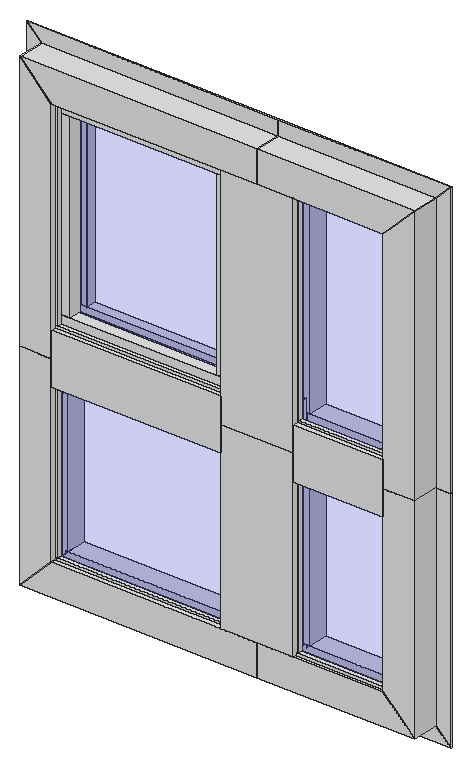
Revit family "511_PC-AT_nailfin", category Windows, host Wall, Revit 2016 (continued)
Automatic sketch dimensions
  Extrusion 21 sketch curve to host wall = 0.68"
  Extrusion 21 sketch curve to Extrusion 21 sketch curve = 0.2505"
  Extrusion 21 sketch curve to Extrusion 21 sketch curve = 0.19035"
  plane 19 to Extrusion 21 sketch curve = 0.50335"
  Extrusion 21 sketch curve to Extrusion 21 sketch curve = 0.08391"
  Extrusion 22 sketch curve to plane 25 "Front of glass" = 0"
  Extrusion 22 sketch curve to Extrusion 22 sketch curve = 0.18817"
  Extrusion 22 sketch curve to plane 10 "Bar Set" = 0.21409"
  plane 10 "Bar Set" to Extrusion 22 sketch curve = 0.17938"
  Extrusion 22 sketch curve to plane 16 = 0.1855"
  Extrusion 22 sketch curve to plane 16 = 0.12349"
  plane 25 "Front of glass" to Extrusion 22 sketch curve = 0.038"
  plane 16 to Extrusion 22 sketch curve = 0.439"
  Extrusion 22 sketch curve to Extrusion 22 sketch curve = 0.0243"
  Extrusion 22 sketch curve to Extrusion 22 sketch curve = 0.42534"
  Extrusion 22 sketch curve to Extrusion 22 sketch curve = 3/8"  (x2)
  Extrusion 22 sketch curve to Extrusion 22 sketch curve = 0.2505"
  Extrusion 22 sketch curve to Extrusion 22 sketch curve = 0.325"
  Extrusion 22 sketch curve to Extrusion 22 sketch curve = 0.7445"
  Extrusion 22 sketch curve to host wall = 0.4625"
  plane 25 "Front of glass" to Extrusion 22 sketch curve = 0.57098"
  plane 25 "Front of glass" to Extrusion 22 sketch curve = 0.77801"
  Extrusion 22 sketch curve to Extrusion 22 sketch curve = 0.03999"
  Extrusion 22 sketch curve to Extrusion 22 sketch curve = 0.27"
  Extrusion 23 sketch curve to plane 25 "Front of glass" = 0"
  plane 17 to Extrusion 23 sketch curve = 0.43809"
  Extrusion 23 sketch curve to Extrusion 23 sketch curve = 0.02423"
  Extrusion 23 sketch curve to Extrusion 23 sketch curve = 1/2"
  Extrusion 23 sketch curve to plane 17 = 1/8"
  Extrusion 23 sketch curve to plane 17 = 0.1865"
  plane 6 "Head" to Extrusion 23 sketch curve = 0.61738"
  Extrusion 23 sketch curve to Extrusion 23 sketch curve = 0.04919"
  plane 6 "Head" to Extrusion 23 sketch curve = 0.02"
  Extrusion 23 sketch curve to plane 6 "Head" = 0.02"
  Extrusion 23 sketch curve to Extrusion 23 sketch curve = 3/8"
  Extrusion 23 sketch curve to Extrusion 23 sketch curve = 0.325"
  Extrusion 23 sketch curve to host wall = 0.4625"
  Extrusion 23 sketch curve to Extrusion 23 sketch curve = 0.075"
  plane 25 "Front of glass" to Extrusion 23 sketch curve = 0.0379"
  plane 25 "Front of glass" to Extrusion 23 sketch curve = 0.778"
  Extrusion 23 sketch curve to Extrusion 23 sketch curve = 0.04"
  Extrusion 23 sketch curve to Extrusion 23 sketch curve = 0.037"
  Extrusion 23 sketch curve to Extrusion 23 sketch curve = 0.02384"
  Extrusion 23 sketch curve to Extrusion 23 sketch curve = 0.16416"
  Extrusion 23 sketch curve to Extrusion 23 sketch curve = 0.35"
  Extrusion 24 sketch curve to plane 10 "Bar Set" = 0.21411"
  plane 10 "Bar Set" to Extrusion 24 sketch curve = 0.21411"
  Extrusion 24 sketch curve to plane 16 = 0.1865"
  Extrusion 24 sketch curve to plane 16 = 0.1855"
  Extrusion 24 sketch curve to Extrusion 24 sketch curve = 3/8"  (x2)
  Extrusion 24 sketch curve to Extrusion 24 sketch curve = 0.2505"  (x2)
  plane 25 "Front of glass" to Extrusion 24 sketch curve = 0.57087"
  plane 25 "Front of glass" to Extrusion 24 sketch curve = 0.57098"
  Extrusion 24 sketch curve to Extrusion 24 sketch curve = 0.51713"
  Extrusion 25 sketch curve to plane 17 = 3/16"
  Extrusion 25 sketch curve to plane 17 = 0.1865"
  Extrusion 25 sketch curve to plane 17 = 0.18415"
  plane 6 "Head" to Extrusion 25 sketch curve = 0.6521"
  plane 6 "Head" to Extrusion 25 sketch curve = 0.56819"
  plane 6 "Head" to Extrusion 25 sketch curve = 0.02"
  Extrusion 25 sketch curve to plane 6 "Head" = 0.02"
  Extrusion 25 sketch curve to Extrusion 25 sketch curve = 3/8"
  Extrusion 25 sketch curve to Extrusion 25 sketch curve = 0.075"
  plane 25 "Front of glass" to Extrusion 25 sketch curve = 0.57094"
  Extrusion 25 sketch curve to Extrusion 25 sketch curve = 0.28406"
  Extrusion 25 sketch curve to Extrusion 25 sketch curve = 0.03464"
  Extrusion 25 sketch curve to Extrusion 25 sketch curve = 0.15336"
  Extrusion 25 sketch curve to Extrusion 25 sketch curve = 1/8"
  plane 3 "Left" to Extrusion 34 sketch curve = 1.437"
  Extrusion 34 sketch curve to plane 18 = 0.313"
  plane 20 to Extrusion 34 sketch curve = 0.1865"
  plane 22 to Extrusion 34 sketch curve = 0.82402"
  plane 17 to Extrusion 34 sketch curve = 1/2"
  Extrusion 34 sketch curve to plane 17 = 0.1865"
  Extrusion 34 sketch curve to Extrusion 34 sketch curve = 0.188"
  Extrusion 34 sketch curve to plane 6 "Head" = 1.437"
  plane 3 "Left" to Extrusion 35 sketch curve = 1 3/8"
  Extrusion 35 sketch curve to plane 18 = 0.313"
  plane 17 to Extrusion 35 sketch curve = 1.53055"
  plane 15 to Extrusion 35 sketch curve = 0.31539"
  Extrusion 35 sketch curve to plane 6 "Head" = 1 3/8"
  Extrusion 36 sketch curve to plane 17 = 0.1865"
  plane 19 to Extrusion 36 sketch curve = 0.83842"
  plane 19 to Extrusion 36 sketch curve = 0.313"
  Extrusion 36 sketch curve to plane 4 "Right" = 1 3/4"
  Extrusion 36 sketch curve to Extrusion 36 sketch curve = 0.188"
  Extrusion 36 sketch curve to plane 6 "Head" = 1 3/4"
  plane 19 to Extrusion 37 sketch curve = 0.313"
  Extrusion 37 sketch curve to plane 4 "Right" = 1.37203"
  plane 17 to Extrusion 37 sketch curve = 1.6255"
  plane 15 to Extrusion 37 sketch curve = 0.31539"
  Extrusion 37 sketch curve to plane 6 "Head" = 1.37203"
  Extrusion 38 sketch curve to plane 16 = 0.1855"
  plane 19 to Extrusion 38 sketch curve = 1.04355"
  plane 19 to Extrusion 38 sketch curve = 0.313"
  plane 14 to Extrusion 38 sketch curve = 0.501"
  plane 19 to Extrusion 39 sketch curve = 0.313"
  Extrusion 39 sketch curve to plane 4 "Right" = 0.54615"
  plane 14 to Extrusion 39 sketch curve = 1.03969"
  plane 16 to Extrusion 39 sketch curve = 0.42534"
  Extrusion 40 sketch curve to plane 18 = 0.313"
  plane 20 to Extrusion 40 sketch curve = 0.1865"
  plane 22 to Extrusion 40 sketch curve = 0.64423"
  plane 14 to Extrusion 40 sketch curve = 0.50217"
  Extrusion 40 sketch curve to plane 16 = 0.1855"
  plane 16 to Extrusion 40 sketch curve = 0.501"
  plane 3 "Left" to Extrusion 41 sketch curve = 1 3/8"
  Extrusion 41 sketch curve to plane 18 = 0.313"
  plane 14 to Extrusion 41 sketch curve = 1.34291"
  plane 16 to Extrusion 41 sketch curve = 0.22359"
  Extrusion 42 sketch curve to plane 21 = 0"
  Extrusion 42 sketch curve to plane 25 "Front of glass" = 0"
  Extrusion 42 sketch curve to plane 21 = 0.0377"
  Extrusion 42 sketch curve to plane 21 = 0.062"
  Extrusion 42 sketch curve to Extrusion 42 sketch curve = 0.56241"
  Extrusion 42 sketch curve to Extrusion 42 sketch curve = 0.19063"
  Extrusion 42 sketch curve to Extrusion 42 sketch curve = 0.04891"
  Extrusion 42 sketch curve to Extrusion 42 sketch curve = 0.08446"
  Extrusion 42 sketch curve to host wall = 0.4625"
  plane 25 "Front of glass" to Extrusion 42 sketch curve = 0.038"
  plane 25 "Front of glass" to Extrusion 42 sketch curve = 0.57094"
  Extrusion 42 sketch curve to Extrusion 42 sketch curve = 0.74001"
  Extrusion 42 sketch curve to Extrusion 42 sketch curve = 0.04199"
  Extrusion 42 sketch curve to Extrusion 42 sketch curve = 0.59706"
  plane 17 to Extrusion 47 sketch curve = 1/2"
  Extrusion 47 sketch curve to plane 17 = 0.1865"  (x2)
  Extrusion 47 sketch curve to Extrusion 47 sketch curve = 0.188"
  Extrusion 47 sketch curve to plane 6 "Head" = 1.937"
  plane 14 to Extrusion 48 sketch curve = 0.50431"
  Extrusion 48 sketch curve to plane 16 = 0.1855"
  plane 16 to Extrusion 48 sketch curve = 0.501"
  plane 14 to Extrusion 49 sketch curve = 0.501"
  Extrusion 49 sketch curve to plane 16 = 0.1855"
  plane 14 to Extrusion 50 sketch curve = 1.08094"
  plane 16 to Extrusion 50 sketch curve = 0.8287"
  plane 21 to curve 35 = 0"
  plane 21 to curve 36 = 0"
  curve 41 to curve 43 = 2 1/2"
  curve 42 to curve 43 = 2 1/2"
  curve 42 to curve 41 = 2 1/2"
  curve 43 to curve 41 = 2 1/2"
  curve 37 to curve 44 = 1 1/2"
  curve 45 to curve 37 = 2 1/2"
  curve 50 to curve 52 = 2 1/2"
  curve 51 to curve 50 = 2 1/2"
  curve 50 to curve 52 = 0"
  curve 52 to curve 50 = 2 1/2"
  curve 46 to curve 53 = 1 1/2"
  curve 54 to curve 46 = 2 1/2"
  curve 59 to curve 61 = 2 1/2"
  curve 60 to curve 61 = 2 1/2"
  curve 60 to curve 59 = 2 1/2"
  curve 61 to curve 59 = 2 1/2"
  curve 55 to curve 62 = 1 1/2"
  curve 63 to curve 55 = 2 1/2"
  Extrusion 53 sketch curve to host wall = 0.68"
  plane 25 "Front of glass" to Extrusion 53 sketch curve = 0.57094"  (x2)
  Extrusion 53 sketch curve to Extrusion 53 sketch curve = 0.59706"
  Extrusion 53 sketch curve to Extrusion 53 sketch curve = 0.6255"  (x2)
  Extrusion 53 sketch curve to Extrusion 53 sketch curve = 0.2505"  (x2)
  Extrusion 53 sketch curve to Extrusion 53 sketch curve = 0.08391"  (x2)
  Extrusion 53 sketch curve to Extrusion 53 sketch curve = 0.19035"
  plane 5 "Sill" to Extrusion 54 sketch curve = 3.6298"
  Extrusion 42 sketch curve to Extrusion 42 sketch curve = 0.2505"
  Extrusion 42 sketch curve to host wall = 0.68"
  Extrusion 20 sketch curve to plane 25 "Front of glass" = 0"
  Extrusion 20 sketch curve to plane 22 = 0"
  plane 25 "Front of glass" to Extrusion 20 sketch curve = 0.038"
  plane 20 to Extrusion 20 sketch curve = 1/8"
  plane 25 "Front of glass" to Extrusion 20 sketch curve = 0.77801"
  plane 25 "Front of glass" to Extrusion 20 sketch curve = 0.818"
  Extrusion 20 sketch curve to Extrusion 20 sketch curve = 0.037"
  Extrusion 20 sketch curve to Extrusion 20 sketch curve = 0.02856"
  Extrusion 20 sketch curve to plane 3 "Left" = 0.02"
  Extrusion 20 sketch curve to Extrusion 20 sketch curve = 0.15944"
  plane 3 "Left" to Extrusion 20 sketch curve = 0.02"
  Extrusion 20 sketch curve to Extrusion 20 sketch curve = 1/8"
  Extrusion 20 sketch curve to Extrusion 20 sketch curve = 0.075"
  plane 20 to Extrusion 20 sketch curve = 0.1865"
  Extrusion 20 sketch curve to Extrusion 20 sketch curve = 0.62484"
  Extrusion 20 sketch curve to Extrusion 20 sketch curve = 0.2505"
  Extrusion 20 sketch curve to Extrusion 20 sketch curve = 0.54819"
  Extrusion 20 sketch curve to Extrusion 20 sketch curve = 0.04919"
  Extrusion 20 sketch curve to plane 22 = 0.062"
  Extrusion 20 sketch curve to plane 22 = 0.0377"
  Extrusion 20 sketch curve to host wall = 0.4625"
  Extrusion 21 sketch curve to Extrusion 21 sketch curve = 0"
  Extrusion 21 sketch curve to Extrusion 21 sketch curve = 0.6255"
  Extrusion 17 sketch curve to Extrusion 17 sketch curve = 0.7445"
  Extrusion 16 sketch curve to host wall = 0.4625"
  Extrusion 16 sketch curve to plane 25 "Front of glass" = 0"
  Extrusion 3 sketch curve to Extrusion 3 sketch curve = 0.6255"
  Extrusion 3 sketch curve to host wall = 0.68"
  Extrusion 4 sketch curve to Extrusion 4 sketch curve = 0.6255"
  Extrusion 19 sketch curve to plane 23 = 0"
  Extrusion 19 sketch curve to host wall = 0.68"
  Extrusion 18 sketch curve to plane 24 = 0"
  Extrusion 18 sketch curve to Extrusion 18 sketch curve = 0.7445"
  Extrusion 2 sketch curve to plane 12 = 1/2"
  Extrusion 2 sketch curve to Extrusion 2 sketch curve = 0.50335"
  Extrusion 2 sketch curve to Extrusion 2 sketch curve = 0.6255"
  Extrusion 24 sketch curve to Extrusion 24 sketch curve = 0.187"
  Extrusion 24 sketch curve to Extrusion 24 sketch curve = 0.50421"
  Extrusion 24 sketch curve to Extrusion 24 sketch curve = 0.7445"  (x2)
  Extrusion 24 sketch curve to plane 16 = 0.18372"
  Extrusion 25 sketch curve to Extrusion 25 sketch curve = 0.2505"
  Extrusion 25 sketch curve to Extrusion 25 sketch curve = 0.7445"
  Extrusion 22 sketch curve to Extrusion 22 sketch curve = 0.50431"
  Extrusion 22 sketch curve to Extrusion 22 sketch curve = 0.00117"
  Extrusion 1 sketch curve to Extrusion 1 sketch curve = 0.001"
  Extrusion 1 sketch curve to plane 12 = 0.50335"
  Extrusion 1 sketch curve to Extrusion 1 sketch curve = 0.7445"
Types (65): name | MLW4 | MLW3 | MLH | VBS | Interior Color | Height | Exterior Color | Width | HBS
  (no name) | 1 1/2" | 2 1/32" | 9 7/8" | 18" | White | 36" | White | 30" | 19 3/4"
  72x84 | 5 1/4" | 2 1/4" | 33" | 30" | none | 84" | none | 72" | 66"
  27x31.75Min | 1 11/16" | 1 1/2" | 9 7/8" | 13 1/2" | none | 31 3/4" | none | 27" | 19 3/4"
  96x96Max | 8 1/4" | 3" | 36" | 30" | none | 96" | none | 96" | 72"
  36x36 | 2 1/4" | 2 1/32" | 9 7/8" | 18" | none | 36" | none | 36" | 19 3/4"
  48x48 | 3" | 2 1/4" | 15" | 24" | none | 48" | none | 48" | 30"
  60x60 | 3" | 2 1/4" | 21" | 36" | none | 60" | none | 60" | 42"
  72x72 | 4 1/2" | 2 1/4" | 27" | 36" | none | 72" | none | 72" | 54"
  84x84 | 6 3/4" | 2 1/4" | 33" | 30" | none | 84" | none | 84" | 66"
  30x36 | 1 1/2" | 2 1/32" | 9 7/8" | 18" | White | 36" | White | 30" | 19 3/4"
  30x42 | 1 1/2" | 2 1/4" | 12" | 18" | none | 42" | none | 30" | 24"
  30x48 | 1 1/2" | 2 1/4" | 15" | 18" | none | 48" | none | 30" | 30"
  30x54 | 1 1/2" | 2 1/4" | 18" | 18" | none | 54" | none | 30" | 36"
  36x42 | 2 1/4" | 2 1/4" | 12" | 18" | none | 42" | none | 36" | 24"
  36x48 | 2 1/4" | 2 1/4" | 15" | 18" | none | 48" | none | 36" | 30"
  36x54 | 2 1/4" | 2 1/4" | 18" | 18" | none | 54" | none | 36" | 36"
  36x60 | 2 1/4" | 2 1/4" | 21" | 18" | none | 60" | none | 36" | 42"
  42x36 | 2 1/4" | 1 1/2" | 12" | 24" | none | 36" | none | 42" | 24"
  42x42 | 2 1/4" | 1 1/2" | 15" | 24" | none | 42" | none | 42" | 30"
  42x48 | 2 1/4" | 2 1/4" | 15" | 24" | none | 48" | none | 42" | 30"
  42x54 | 2 1/4" | 2 1/4" | 18" | 24" | none | 54" | none | 42" | 36"
  42x60 | 2 1/4" | 2 1/4" | 21" | 24" | none | 60" | none | 42" | 42"
  42x66 | 2 1/4" | 2 1/4" | 24" | 24" | none | 66" | none | 42" | 48"
  48x54 | 2 1/4" | 2 1/4" | 18" | 30" | none | 54" | none | 48" | 36"
  48x60 | 2 1/4" | 2 1/4" | 21" | 30" | none | 60" | none | 48" | 42"
  48x66 | 2 1/4" | 2 1/4" | 24" | 30" | none | 66" | none | 48" | 48"
  48x72 | 2 1/4" | 2 1/4" | 27" | 30" | none | 72" | none | 48" | 54"
  48x78 | 2 1/4" | 2 1/4" | 30" | 30" | none | 78" | none | 48" | 60"
  54x48 | 3" | 2 1/4" | 15" | 30" | none | 48" | none | 54" | 30"
  54x54 | 3" | 2 1/4" | 18" | 30" | none | 54" | none | 54" | 36"
  54x60 | 3" | 2 1/4" | 21" | 30" | none | 60" | none | 54" | 42"
  54x66 | 3" | 2 1/4" | 24" | 30" | none | 66" | none | 54" | 48"
  54x72 | 3" | 2 1/4" | 27" | 30" | none | 72" | none | 54" | 54"
  54x78 | 3" | 2 1/4" | 30" | 30" | none | 78" | none | 54" | 60"
  54x84 | 3" | 2 1/4" | 33" | 30" | none | 84" | none | 54" | 66"
  60x54 | 3" | 1 1/2" | 21" | 36" | none | 54" | none | 60" | 42"
  60x66 | 3" | 2 1/4" | 24" | 36" | none | 66" | none | 60" | 48"
  60x72 | 3" | 2 1/4" | 27" | 36" | none | 72" | none | 60" | 54"
  60x78 | 3" | 2 1/4" | 30" | 36" | none | 78" | none | 60" | 60"
  60x84 | 3 3/4" | 2 1/4" | 33" | 30" | none | 84" | none | 60" | 66"
  60x90 | 3 3/4" | 2 1/4" | 36" | 30" | none | 90" | none | 60" | 72"
  66x60 | 3 3/4" | 2 1/4" | 21" | 36" | none | 60" | none | 66" | 42"
  66x66 | 3 3/4" | 2 1/4" | 24" | 36" | none | 66" | none | 66" | 48"
  66x72 | 3 3/4" | 2 1/4" | 27" | 36" | none | 72" | none | 66" | 54"
  66x78 | 3 3/4" | 2 1/4" | 30" | 36" | none | 78" | none | 66" | 60"
  66x84 | 4 1/2" | 2 1/4" | 33" | 30" | none | 84" | none | 66" | 66"
  66x90 | 4 1/2" | 2 1/4" | 36" | 30" | none | 90" | none | 66" | 72"
  66x96 | 4 1/2" | 3" | 36" | 30" | none | 96" | none | 66" | 72"
  72x66 | 4 1/2" | 2 1/4" | 24" | 36" | none | 66" | none | 72" | 48"
  72x78 | 4 1/2" | 2 1/4" | 30" | 36" | none | 78" | none | 72" | 60"
  72x90 | 5 1/4" | 2 1/4" | 36" | 30" | none | 90" | none | 72" | 72"
  72x96 | 5 1/4" | 3" | 36" | 30" | none | 96" | none | 72" | 72"
  78x72 | 5 1/4" | 2 1/4" | 27" | 36" | none | 72" | none | 78" | 54"
  78x78 | 5 1/4" | 2 1/4" | 30" | 36" | none | 78" | none | 78" | 60"
  78x84 | 6" | 2 1/4" | 33" | 30" | none | 84" | none | 78" | 66"
  78x90 | 6" | 2 1/4" | 36" | 30" | none | 90" | none | 78" | 72"
  78x96 | 6" | 3" | 36" | 30" | none | 96" | none | 78" | 72"
  84x78 | 6 3/4" | 2 1/4" | 30" | 30" | none | 78" | none | 84" | 60"
  84x90 | 6 3/4" | 2 1/4" | 36" | 30" | none | 90" | none | 84" | 72"
  84x96 | 6 3/4" | 3" | 36" | 30" | none | 96" | none | 84" | 72"
  90x84 | 6 3/4" | 3" | 30" | 36" | none | 84" | none | 90" | 60"
  90x90 | 7 1/2" | 3" | 33" | 30" | none | 90" | none | 90" | 66"
  90x96 | 7 1/2" | 3" | 36" | 30" | none | 96" | none | 90" | 72"
  96x84 | 7 1/2" | 3" | 30" | 36" | none | 84" | none | 96" | 60"
  96x90 | 8 1/4" | 3" | 33" | 30" | none | 90" | none | 96" | 66"
